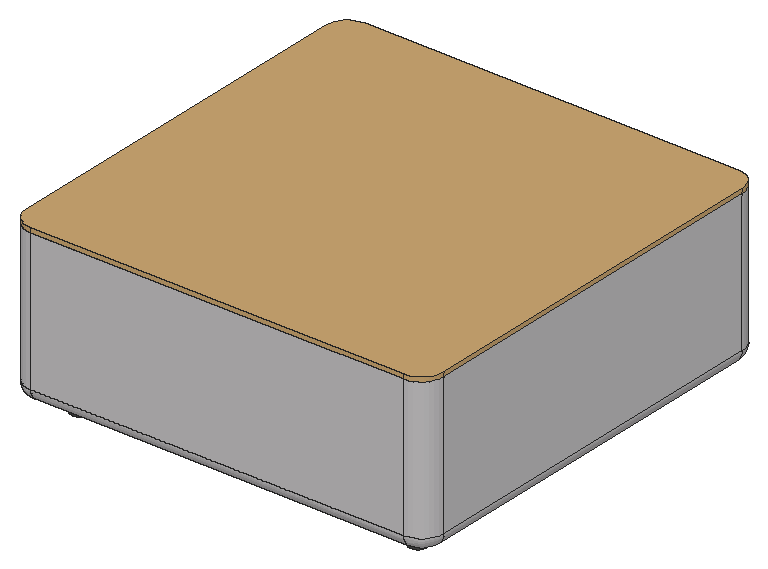
Revit family "FU_Chair_Sandler_ENTROPY_ENT0950RO", category Furniture, Revit 2020
Family settings
  OmniClass Number = 23.21.23.15.17
  Work Plane-Based = Yes
  Always vertical = No
  Cut with Voids When Loaded = No
  Shared = No
  Room Calculation Point = No
Parameters (values of type "ENTROPY ENT0950RO")
  Youtube clip = ""
  Width = 950.000 mm
  Uniformat II Description = "Movable Furnishings"
  Uniformat II Code = ""
  Uniclass 2015 Name = ""
  Uniclass 2015 Code = ""
  Uniclass 2.0 Description = ""
  Uniclass 2.0 Code = ""
  Uniclass 1.4 Description = ""
  Uniclass 1.4 Code = ""
  UNSPSC Code = ""
  Technical description = ""
  Seat Material = Leather - Gaja - 60005
  Frame Material = Steel - Frame - Black
  Region South America = "All"
  Region Oceania = "All"
  Region North America = "All"
  Region Middle East = "All"
  Region Europe = "All"
  Region Asia = "All"
  Region Antarctica = "All"
  Region Africa = "All"
  QR code = ""
  Product url = "https://www.sandlerseating.com/product/ent0950ro/"
  Product name = ""
  Product group = "Chair"
  Product family = "Furniture"
  Product data url = "https://www.sandlerseating.com/product/ent0950ro/"
  Product certification = ""
  Product SKU = ""
  Product Guid = ""
  OmniClass Description = ""
  OmniClass Code = "23-21 23 15 17"
  NBS Reference Description = ""
  NBS Reference Code = ""
  Model = "ENTROPY ENT0950RO"
  Masterformat 2014 Description = "Chair Mats"
  Masterformat 2014 Code = "12 48 43.13"
  Manufacturer name = "Sandler"
  Manufacturer country = "UK"
  Manufacturer = "Sandler"
  Installation instructions = ""
  IFC Classification = "Furnishing Element"
  GTIN code = ""
  Edition number = 1
  Design country = "UK"
  Description = "Chair"
  Depth = 950.000 mm
  Default Elevation = 0.000 mm
  Date of publishing = ""
  COBIe Type Category = ""
  Brand url = "https://www.sandlerseating.com/"
  BIMobject main category code = "furniture"
  BIMobject main category = "Furniture"
  BIMobject category code = "furniture-chair"
  BIMobject category = "Chair"
Reference planes
  plane 1 "Center Front/Back": y = 0
  plane 2: z = 0
  plane 3 "Center Left/Right": x = 0
  plane 4: y = 475
  plane 5: y = -475
  plane 6: x = -475
  plane 7: x = 475
  plane 8: z = 400
  plane 9: z = 40
  plane 10: x = -437.5
  plane 11: x = 437.5
  plane 12: y = -437.5
  plane 13: y = 437.5
  plane 14: z = 390
  plane 15: x = 240
  plane 16: z = 390
Forms (mm)
  Extrusion 1, solid, material "Leather - Gaja - 60005" <- "Seat Material"
    sketch origin (0, 0, 0) x (1, 0, 0) y (0, 1, 0)
      loop
        arc (-425, 475) -> (-460.355, 460.355) -> (-475, 425) r 50
        line (-475, 425) -> (-475, -425)
        arc (-475, -425) -> (-460.355, -460.355) -> (-425, -475) r 50
        line (-425, -475) -> (425, -475)
        arc (425, -475) -> (460.355, -460.355) -> (475, -425) r 50
        line (475, -425) -> (475, 425)
        arc (475, 425) -> (460.355, 460.355) -> (425, 475) r 50
        line (425, 475) -> (-425, 475)
    from 40 to 390
  Extrusion 2, solid, material "Steel - Frame - Black" <- "Frame Material"
    sketch origin (0, 0, 0) x (1, 0, 0) y (0, 1, 0)
      loop
        circle (-385, -385) r 20
      loop
        circle (385, -385) r 20
      loop
        circle (-385, 385) r 20
      loop
        circle (385, 385) r 20
    from 0 to 40
  Sweep 3, void
    path in 3D
      loop
        arc (475, -425, 40) -> (460.355, -460.355, 40) -> (425, -475, 40) r 50
        line (425, -475, 40) -> (-425, -475, 40)
        arc (-425, -475, 40) -> (-460.355, -460.355, 40) -> (-475, -425, 40) r 50
        line (-475, -425, 40) -> (-475, 425, 40)
        arc (-475, 425, 40) -> (-460.355, 460.355, 40) -> (-425, 475, 40) r 50
        line (-425, 475, 40) -> (425, 475, 40)
        arc (425, 475, 40) -> (460.355, 460.355, 40) -> (475, 425, 40) r 50
        line (475, 425, 40) -> (475, -425, 40)
    profile origin (475, 0, 40) x (-1, 0, 0) y (0, 0, -1)
      loop
        line (0, 0) -> (0, -30)
        arc (0, -30) -> (8.787, -8.787) -> (30, 0) r 30
        line (30, 0) -> (0, 0)
  Extrusion 4, solid, material "Wood - OAK - Natual OAK"
    sketch origin (0, 0, 0) x (1, 0, 0) y (0, 1, 0)
      loop
        arc (-425, 475) -> (-460.355, 460.355) -> (-475, 425) r 50
        line (-475, 425) -> (-475, -425)
        arc (-475, -425) -> (-460.355, -460.355) -> (-425, -475) r 50
        line (-425, -475) -> (425, -475)
        arc (425, -475) -> (460.355, -460.355) -> (475, -425) r 50
        line (475, -425) -> (475, 425)
        arc (475, 425) -> (460.355, 460.355) -> (425, 475) r 50
        line (425, 475) -> (-425, 475)
    from 390 to 400
Cuts and joins
  Sweep 3 cuts Extrusion 1
Lines and regions (mm)
  sketch lines
    curve 1: line (475, 425, 40) -> (475, -425, 40)
    curve 2: arc (475, 425, 40) -> (460.355, 460.355, 40) -> (425, 475, 40) r 50
    curve 3: line (-425, 475, 40) -> (425, 475, 40)
    curve 4: arc (-425, 475, 40) -> (-460.355, 460.355, 40) -> (-475, 425, 40) r 50
    curve 5: line (-475, -425, 40) -> (-475, 425, 40)
    curve 6: arc (-475, -425, 40) -> (-460.355, -460.355, 40) -> (-425, -475, 40) r 50
    curve 7: line (425, -475, 40) -> (-425, -475, 40)
    curve 8: arc (425, -475, 40) -> (460.355, -460.355, 40) -> (475, -425, 40) r 50
Dimensions and locks
  equal spacing: plane 4, plane 1 "Center Front/Back", plane 5
  "Depth": plane 4 to plane 5
  equal spacing: plane 6, plane 3 "Center Left/Right", plane 7
  "Width": plane 6 to plane 7
  locked: plane 11 to plane 7 at 37.5
  locked: plane 6 to plane 10 at 37.5
  locked: plane 4 to plane 13 at 37.5
  locked: plane 12 to plane 5 at 37.5
  aligned and locked: level to plane 2
  aligned and locked: Extrusion 1 sketch curve to plane 4
  aligned and locked: plane 5 to Extrusion 1 sketch curve
  aligned and locked: Extrusion 1 sketch curve to plane 7
  aligned and locked: plane 4 to Extrusion 4
  aligned and locked: Extrusion 4 to plane 5
  aligned and locked: plane 7 to Extrusion 4
  aligned and locked: Extrusion 4 to plane 6
Automatic sketch dimensions
  Extrusion 1 sketch curve to plane 4 = 50.000 mm
  plane 10 to Extrusion 1 sketch curve = 12.500 mm  (x2)
  Extrusion 1 sketch curve to plane 11 = 12.500 mm  (x2)
  Extrusion 1 sketch curve to plane 6 = 0.000 mm
  plane 10 to Extrusion 2 sketch curve = 52.500 mm  (x2)
  Extrusion 2 sketch curve to plane 11 = 52.500 mm  (x2)
  plane 12 to Extrusion 2 sketch curve = 52.500 mm  (x2)
  Extrusion 2 sketch curve to plane 13 = 52.500 mm  (x2)
  Sweep 3 sketch curve to profile plane = 0.000 mm  (x2)
  Sweep 3 sketch curve to profile plane = 30.000 mm
  Extrusion 4 sketch curve to plane 6 = 0.000 mm
  Extrusion 4 sketch curve to plane 4 = 0.000 mm
  Extrusion 4 sketch curve to plane 5 = 0.000 mm
  Extrusion 4 sketch curve to plane 7 = 0.000 mm
  plane 10 to Extrusion 4 sketch curve = 12.500 mm  (x2)
  Extrusion 4 sketch curve to plane 11 = 12.500 mm  (x2)
  radius of Extrusion 2 sketch curve = 20.000 mm  (x4)
